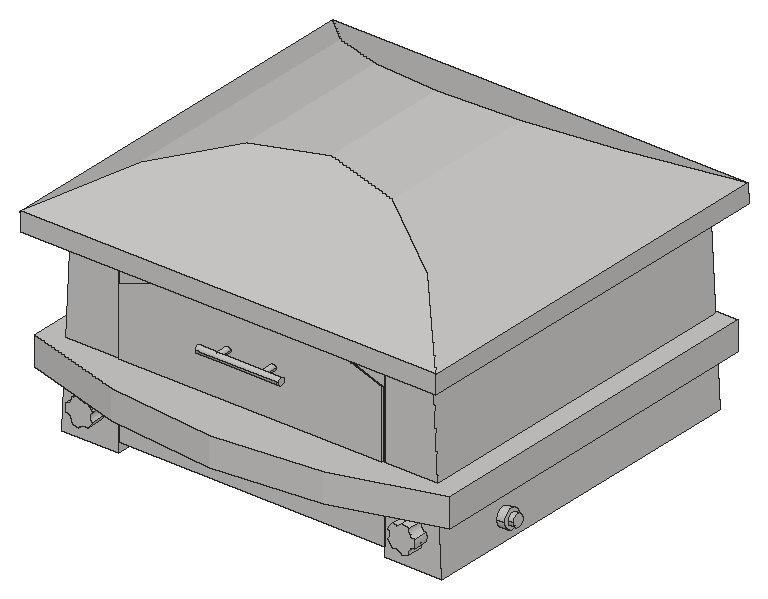
Revit family "Outdoor-Kitchen-Equipment_Kalamazoo_Artisan-Countertop-Pizza-Oven1", category Specialty Equipment, host Face, Revit 2018
Family settings
  Host = Face
  Round Connector Dimension = Use Diameter
  Part Type = Normal
  OmniClass Number = 23.40.40.14.17.31
  OmniClass Title = Small Specialized Cooking Equipment
  Cut with Voids When Loaded = No
  Shared = No
  Room Calculation Point = No
Parameters (values of type "AFPO-C")
  Width = 30 33/256"  # constant formula
  Weight (lb) = 130.00 lbf
  URL = "https://kalamazoogourmet.com/products/countertop-artisan-fire-pizza-oven-(1)/"
  Total Heating Capacity = if(Natural Gas, 43500.0 Btu/h, 36000.0 Btu/h)  # 43500.0 Btu/h
  Product data url = "https://www.bimobject.com/en-us/kalamazoogourmet/product/pizza-ovens"
  Product Material = Kalamazoo - Stainless Steel - 304 OR 316L
  Natural Gas = yes
  Model = "AFPO-C"
  Manufacturer = "Kalamazoo Outdoor Gourmet\r\n"  # constant formula
  Liquid Propane = not(Natural Gas)  # no
  Keynote = "11400"
  Height = 19 1/2"  # constant formula
  Gas Flow = 0 GPM
  Gas Connection Size = 3/8"
  Fuel Type = if(Natural Gas, "Natural Gas", "Liquid Propane")  # "Natural Gas"
  Description = "Countertop Artisan Fire Pizza Oven"
  Depth = 30"  # constant formula
  Default Elevation = 48"
  Assembly Code = "E1090320"
Reference planes (in)
  plane 1 "Center (Front/Back)": y = 0
  plane 2: z = 0
  plane 3 "Center (Left/Right)": x = 0
  plane 4: y = 14.15519
  plane 5: y = -14.15519
  plane 6: x = -15.06445
  plane 7: x = 15.06445
  plane 8: y = -15.84481
  plane 9: z = 19.5
Dimensions and locks (in)
  equal spacing: plane 4, plane 1 "Center (Front/Back)", plane 5
  "Depth": plane 4 to plane 8
  equal spacing: plane 6, plane 3 "Center (Left/Right)", plane 7
  "Width": plane 6 to plane 7
  "Height": plane 9 to host face
  aligned and locked: plane 2 to host face
  aligned and locked: level to host face
  aligned and locked: plane 1 "Center (Front/Back)" to nested 1
  aligned and locked: plane 3 "Center (Left/Right)" to nested 1
Automatic sketch dimensions
  host sketch curve to host sketch curve = 96"  (x2)
Nested families (in)
  nested 1: "Artisan Oven" at (0, 0, 0), type "Artisan Oven"
Connectors (in)
  piping at (-11.173, 13.76907, 1.72207), diameter 0.375, driven by "Gas Connection Size", driven by "Gas Flow"
    settings: on nested 1, index 1, connector inside diameter 24", connector length 0", flow factor 0, pipe flow 0 GPM, pressure drop 0.00 psi, fitting loss kfactor 0, connector angle 0.00°, fixture units 0, engagement length 0", angle of deflection 0.00°, flow configuration 1, flow direction 1, fitting loss method 0, system type 22, joint type 0, gender type 0, connector reference index -1, connector utility 0, adjustable connector no, is connector primary yes, connector description ""
Definition of nested family "Artisan Oven"
  Parameters (values of type "Artisan Oven")
    Material = none
  Reference planes (in)
    plane 1 "Center (Front/Back)": y = 0
    plane 2: z = 0
    plane 3 "Center (Left/Right)": x = 0
  Forms (in)
    Extrusion 1, solid, material <- "Material"
      sketch origin (0, 0, 0) x (1, 0, 0) y (0, 0, 1)
        loop
          line (-13.78367, 0) -> (-9.65625, 0) -> (-9.65625, 13.36118) -> (-13.08344, 13.36118) -> (-13.78367, 0)
        loop
          line (13.78367, 0) -> (13.08344, 13.36118) -> (9.65625, 13.36118) -> (9.65625, 0) -> (13.78367, 0)
      from -13.12364 to 12
    Extrusion 2, solid, material <- "Material"
      sketch origin (0, 0, 0) x (1, 0, 0) y (0, 0, 1)
        loop
          arc (15.048, 14.68405) -> (0, 19.48128) -> (-15.048, 14.68405) r 26
          line (-15.048, 14.68405) -> (-15.048, 13.36118) -> (15.048, 13.36118) -> (15.048, 14.68405)
      from -14.13 to 14.13
    Extrusion 3, solid, material <- "Material"
      sketch origin (0, 0, 0) x (1, 0, 0) y (0, 1, 0)
        loop
          arc (-15.00112, -12.86626) -> (0, -15.81959) -> (15.00112, -12.86626) r 39.575
          line (15.00112, -12.86626) -> (15.00112, 13.25891) -> (-15.00112, 13.25891) -> (-15.00112, -12.86626)
      from 4.0961 to 6.1711
    Extrusion 4, solid, material <- "Material"
      sketch origin (0, 0, 0) x (1, 0, 0) y (0, 0, 1)
        loop
          line (9.65625, 0.7) -> (9.65625, 4.0961) -> (-9.65625, 4.0961) -> (-9.65625, 0.7) -> (9.65625, 0.7)
      from -13.12364 to 12
    Extrusion 5, solid, material <- "Material"
      sketch origin (0, 0, 0) x (1, 0, 0) y (0, 0, 1)
        loop
          line (-9.65625, 13.36118) -> (-9.65625, 6.1711) -> (9.65625, 6.1711) -> (9.65625, 13.36118) -> (-9.65625, 13.36118)
      from -13.12364 to 12
    Extrusion 6, solid, material <- "Material", detail levels fine
      sketch origin (0, 0, 0) x (1, 0, 0) y (0, 0, 1)
        loop
          arc (9.5, 11.027) -> (0, 13.13092) -> (-9.5, 11.027) r 22.5
          line (-9.5, 11.027) -> (-9.5, 6.1711) -> (9.5, 6.1711) -> (9.5, 11.027)
      from 12.00136 to 12.11951
    Extrusion 7, solid, material <- "Material", detail levels fine
      sketch origin (0, 0, 0) x (0, 1, 0) y (0, 0, 1)
        loop
          circle (-13.088, 9.54616) r 0.2375
      from -3.01563 to 3.01563
    Extrusion 8, solid, material <- "Material", detail levels fine
      sketch origin (0, 0, 0) x (1, 0, 0) y (0, 0, 1)
        loop
          circle (-1.64063, 9.54616) r 0.197
        loop
          circle (1.64063, 9.54616) r 0.197
      from 12.11951 to 13.09373
    Extrusion 9, solid, material <- "Material", detail levels medium
      sketch origin (0, 0, 0) x (1, 0, 0) y (0, 0, 1)
        loop
          circle (-11.66823, 2.36046) r 1
        loop
          circle (11.65261, 2.35265) r 1
      from 12 to 13.02647
    Extrusion 10, solid, material <- "Material", detail levels fine
      sketch origin (13.45436, 0, 6.2837) x (-0.052336, 0, 0.99863) y (0, -1, 0)
        loop
          circle (-4.65408, 6.34871) r 0.66174
      from 0 to 0.62979
    Extrusion 11, solid, material <- "Material", detail levels fine
      sketch origin (13.45681, 0, 6.23689) x (-0.052336, 0, 0.99863) y (0, -1, 0)
        loop
          circle (-4.59302, 6.34101) r 0.41253
      from 0.62979 to 1.06779
    Sweep 12, solid, material <- "Material", detail levels fine
      path origin (0, 0, 0) x (1, 0, 0) y (0, 1, 0)
        loop
          line (-12.923, 13.12364) -> (-12.923, 13.27453)
          arc (-12.923, 13.27453) -> (-12.63011, 13.98164) -> (-11.923, 14.27453) r 1
          line (-11.923, 14.27453) -> (-11.173, 14.27453)
      profile origin (-11.173, 14.27453, 0) x (0, 1, 0) y (0, 0, 1)
        loop
          circle (-0.50546, 1.72207) r 0.375
    Extrusion 13, void
      sketch origin (0, 0, 0) x (0, 1, 0) y (0, 0, 1)
        loop
          line (-16.58027, 13.4587) -> (-3.33257, 20.2087) -> (3.33249, 20.2087) -> (15.66973, 13.92261) -> (15.66973, 21.4587) -> (-16.58027, 21.4587) -> (-16.58027, 13.4587)
      from -20.24852 to 21.97155
    Extrusion 14, solid, material <- "Material", detail levels fine
      sketch origin (0, 0, 0) x (1, 0, 0) y (0, 0, 1)
        loop
          arc (11.0397, 3.14105) -> (10.84104, 2.93671) -> (10.7081, 2.68464) r 0.99999
          arc (10.7081, 2.68464) -> (10.83755, 2.34893) -> (10.7081, 2.01323) r 0.5
          arc (10.7081, 2.01323) -> (10.84105, 1.76116) -> (11.03971, 1.55682) r 0.99999
          arc (11.03971, 1.55682) -> (11.39898, 1.5762) -> (11.67825, 1.34935) r 0.5
          arc (11.67825, 1.34935) -> (11.95907, 1.39789) -> (12.2148, 1.52368) r 0.99999
          arc (12.2148, 1.52368) -> (12.30739, 1.87137) -> (12.60945, 2.06687) r 0.5
          arc (12.60945, 2.06687) -> (12.65005, 2.34894) -> (12.60945, 2.63102) r 1
          arc (12.60945, 2.63102) -> (12.30738, 2.82651) -> (12.21479, 3.1742) r 0.5
          arc (12.21479, 3.1742) -> (11.95906, 3.29998) -> (11.67824, 3.34853) r 0.99999
          arc (11.67824, 3.34853) -> (11.39897, 3.12167) -> (11.0397, 3.14105) r 0.5
        loop
          arc (-11.0397, 3.14105) -> (-11.39897, 3.12167) -> (-11.67824, 3.34853) r 0.5
          arc (-11.67824, 3.34853) -> (-11.95906, 3.29998) -> (-12.21479, 3.1742) r 0.99999
          arc (-12.21479, 3.1742) -> (-12.30738, 2.82651) -> (-12.60945, 2.63102) r 0.5
          arc (-12.60945, 2.63102) -> (-12.65005, 2.34894) -> (-12.60945, 2.06687) r 1
          arc (-12.60945, 2.06687) -> (-12.30739, 1.87137) -> (-12.2148, 1.52368) r 0.5
          arc (-12.2148, 1.52368) -> (-11.95907, 1.39789) -> (-11.67825, 1.34935) r 0.99999
          arc (-11.67825, 1.34935) -> (-11.39898, 1.5762) -> (-11.03971, 1.55682) r 0.5
          arc (-11.03971, 1.55682) -> (-10.84105, 1.76116) -> (-10.7081, 2.01323) r 0.99999
          arc (-10.7081, 2.01323) -> (-10.83755, 2.34893) -> (-10.7081, 2.68464) r 0.5
          arc (-10.7081, 2.68464) -> (-10.84104, 2.93671) -> (-11.0397, 3.14105) r 0.99999
      from 12 to 13.02647
  Cuts and joins
    Extrusion 13 cuts Extrusion 2
  Lines and regions (in)
    Masking region 1
      outline origin (0, 0, 0) x (1, 0, 0) y (0, 1, 0)
        loop
          line (15.048, -14.13) -> (15.048, 14.14407) -> (-15.048, 14.14407) -> (-15.048, -14.13) -> (15.048, -14.13)
    Masking region 2
      outline origin (0, 0, 0) x (1, 0, 0) y (0, 1, 0)
        loop
          arc (-11.44012, -14.13) -> (0, -15.81959) -> (11.44012, -14.13) r 39.575
          line (11.44012, -14.13) -> (-11.44012, -14.13)
    symbolic lines, detail levels fine
      curve 1: line (15.01542, 14.13, 0) -> (-15.01542, 14.13, 0)
      curve 2: line (-15.01538, -14.13, 0) -> (15.01538, -14.13, 0)
  Dimensions and locks (in)
    aligned and locked: plane 2 to level
